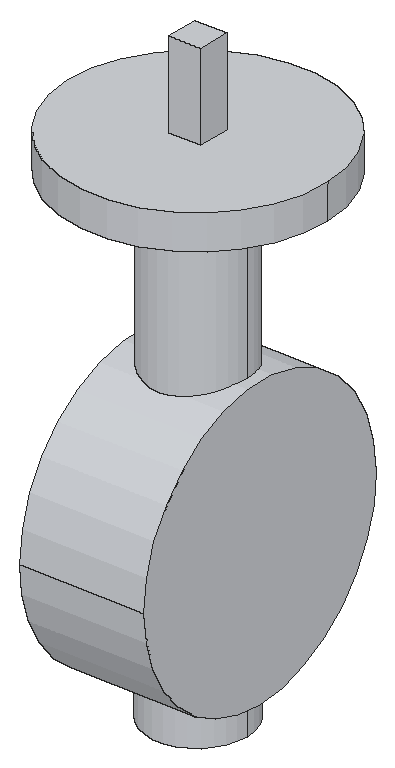
Revit family "HS497-68_disk-nerez_volné vřeteno DN050-RFA_2018", category Pipe Accessories, Revit 2018
Family settings
  Round Connector Dimension = Use Diameter
  Part Type = Valve - Breaks Into
  Work Plane-Based = No
  Always vertical = Yes
  Cut with Voids When Loaded = No
  Shared = No
Parameters (values of type "HS 497-68_DN050_volné vřeteno")
  magiProductId = "d71f296ecd6d4adf8f6e5d9853b4e0"
  magiProductFamilyId = "53cea81e6f374d17b8841d9c72ad77"
  magiPartTypeId = 305
  isMeasuringValve [instance] = no
  ang2D [instance] = 0.00°
  X11 = 61.456 mm
  X1 = 25.456 mm
  W2D = 1000 mm
  VersionID = "2.0/2017.9.26.1/ZETKAMA_497_001"
  Use Minimum Symbol Size [instance] = yes
  URL = "http://www.hydronic.cz"
  Type Comments = "mezipřírubová; nerezový disk; PN16; -10~+110°C (krátkodobě +120°C)"
  SW30 = no
  SW3 = no
  SW21 = no
  SW20 = no
  SW2 = no
  SW1 = yes
  R = 25 mm
  QmdConnectorList = "301;D;302;D"
  Productdata [instance] = ""
  NC = 50 mm
  Manufacturer = "Hydronic Systems Prague s.r.o."
  MM20 = 25.456 mm
  MC Product Code = "124 050 (nerezový disk, s volným vřetenem; DN50; PN16, kvs98)"
  M41 = 66 mm
  M4 = 44 mm
  LHL = 220 mm
  LHH3 = 2.45 mm
  LHH1 = 46.55 mm
  LH1 = 73.333 mm
  L4R__ve = -L4R  # -12.8 mm
  L4R = 12.8 mm
  L42__ve = -L42  # -96 mm
  L42 = 96 mm
  L41__ve = -L41  # -19.2 mm
  L41 = 19.2 mm
  L2D_Min = 3048 mm
  L2D = 216 mm
  L2 = 21.5 mm
  L1 = 34.4 mm
  L = 43 mm
  H = 30 mm
  G22 = 11.25 mm
  G2 = 22.5 mm
  G1 = 90 mm
  G = 90 mm
  F = 11 mm
  E44 = 31.25 mm
  E42 = 62.5 mm
  E4 = 125 mm
  E23 = 4.9 mm
  E22 = 19.6 mm
  E21 = 9.8 mm
  Description = "Mezipřírubová uzavírací klapka s volným vřetenem; nerezový disk, DN50; PN16; kvs98"
  DR2 = 25 mm
  DR = 100 mm
  DD1 = 15.625 mm
  DD = 12.5 mm
  D = 50 mm
  CAT0 = yes
  B2__ve = -B2  # -36.5 mm
  B2 = 36.5 mm
  A2 = 12 mm
  A1 = 83 mm
Types (43, lengths in mm): name | magiProductId | X11 | X1 | Type Comments | SW30 | SW3 | SW20 | SW2 | SW1 | R | NC | Manufacturer | MM20 | MC Product Code | M41 | M4 | LHL | LHH3 | LHH1 | LH1 | L4R__ve | L4R | L42__ve | L42 | L41__ve | L41 | L2 | L1 | L | H | G | F | E44 | E42 | E4 | E23 | E22 | E21 | Description | DR2 | DR | DD1 | DD | D | B2__ve | B2 | A2 | A1
  HS 497-68_DN100_PN16_volné vřeteno | "65d1b245f4f142c78569c0602d5754" | 61.456 | 25.456 | "mezipřírubová; nerezový disk; PN16; -10~+110°C (krátkodobě +120°C)" | no | no | no | no | yes | 50 | 50 | "Hydronic Systems Prague s.r.o." | 25.456 | "124 100 (nerezový disk, s volným vřetenem; DN100; PN16, kvs512)" | 66 | 44 | 220 | 2.45 | 46.55 | 73.333 | -12.8 | 12.8 | -96 | 96 | -19.2 | 19.2 | 26 | 41.6 | 52 | 30 | 90 | 11 | 31.25 | 62.5 | 125 | 4.9 | 19.6 | 9.8 | "Mezipřírubová uzavírací klapka s volným vřetenem; nerezový disk, DN100; PN16; kvs512" | 50 | 147 | 15.625 | 12.5 | 100 | -56 | 56 | 16.5 | 98.5
  HS 497-68_DN100_PN16_převodové kolo | "11e91b807e674d428c8e796fcdcfe2" | 61.456 | 25.456 | "mezipřírubová; nerezový disk; PN16; -10~+110°C (krátkodobě +120°C)" | yes | yes | no | no | no | 50 | 50 | "Hydronic Systems Prague s.r.o." | 25.456 | "126 100 (nerezový disk, s převodovým kolem; DN100; PN16, kvs512)" | 65.25 | 43.5 | 220 | 2.45 | 46.55 | 73.333 | -12.8 | 12.8 | -96 | 96 | -19.2 | 19.2 | 26 | 41.6 | 52 | 30 | 90 | 11 | 31.25 | 62.5 | 125 | 4.9 | 19.6 | 9.8 | "Mezipřírubová uzavírací klapka s převodovým kolem; nerezový disk, DN100; PN16; kvs512" | 50 | 147 | 15.625 | 12.5 | 100 | -56 | 56 | 16.5 | 98.5
  HS 497-68_DN100_PN16_s pákou | "28172f0b3f4b47b28323ac71cf8749" | 61.456 | 25.456 | "mezipřírubová; nerezový disk; PN16; -10~+110°C (krátkodobě +120°C)" | no | no | yes | yes | no | 50 | 50 | "Hydronic Systems Prague s.r.o." | 25.456 | "121 100 (nerezový disk, s pákou; DN100; PN16, kvs512)" | 66 | 44 | 260 | 3 | 57 | 86.667 | -12.8 | 12.8 | -96 | 96 | -19.2 | 19.2 | 26 | 41.6 | 52 | 30 | 90 | 11 | 31.25 | 62.5 | 125 | 6 | 24 | 12 | "Mezipřírubová uzavírací klapka s pákou; nerezový disk, DN100; PN16; kvs512" | 50 | 147 | 15.625 | 12.5 | 100 | -56 | 56 | 16.5 | 98.5
  HS 497-68_DN125_PN16_volné vřeteno | "0d813d910fc14f628bb3c2efbd185c" | 61.456 | 25.456 | "mezipřírubová; nerezový disk; PN16; -10~+110°C (krátkodobě +120°C)" | no | no | no | no | yes | 62.5 | 50 | "Hydronic Systems Prague s.r.o." | 25.456 | "124 125 (nerezový disk, s volným vřetenem; DN125; PN16, kvs872)" | 66 | 44 | 220 | 2.45 | 46.55 | 73.333 | -12.8 | 12.8 | -96 | 96 | -19.2 | 19.2 | 28 | 44.8 | 56 | 33 | 90 | 14 | 31.25 | 62.5 | 125 | 4.9 | 19.6 | 9.8 | "Mezipřírubová uzavírací klapka s volným vřetenem; nerezový disk, DN125; PN16; kvs872" | 62.5 | 180 | 15.625 | 12.5 | 125 | -64 | 64 | 18 | 99.5
  HS 497-68_DN125_PN16_převodové kolo | "c56b7c13f372467684996fb1e0e229" | 61.456 | 25.456 | "mezipřírubová; nerezový disk; PN16; -10~+110°C (krátkodobě +120°C)" | yes | yes | no | no | no | 62.5 | 50 | "Hydronic Systems Prague s.r.o." | 25.456 | "126125 (nerezový disk, s převodovým kolem; DN125; PN16, kvs872)" | 65.25 | 43.5 | 220 | 2.45 | 46.55 | 73.333 | -13.5 | 13.5 | -101.25 | 101.25 | -20.25 | 20.25 | 28 | 44.8 | 56 | 33 | 90 | 14 | 40 | 80 | 160 | 4.9 | 19.6 | 9.8 | "Mezipřírubová uzavírací klapka s převodovým kolem; nerezový disk, DN125; PN16; kvs872" | 62.5 | 180 | 20 | 16 | 125 | -64 | 64 | 18 | 99.5
  HS 497-68_DN125_PN16_s pákou | "105993c79a91492399feef7931321a" | 61.456 | 25.456 | "mezipřírubová; nerezový disk; PN16; -10~+110°C (krátkodobě +120°C)" | no | no | yes | yes | no | 62.5 | 50 | "Hydronic Systems Prague s.r.o." | 25.456 | "121 125 (nerezový disk, s pákou; DN125; PN16, kvs872)" | 66 | 44 | 315 | 3.75 | 71.25 | 105 | -12.8 | 12.8 | -96 | 96 | -19.2 | 19.2 | 28 | 44.8 | 56 | 33 | 90 | 14 | 31.25 | 62.5 | 125 | 7.5 | 30 | 15 | "Mezipřírubová uzavírací klapka s pákou; nerezový disk, DN125; PN16; kvs872" | 62.5 | 180 | 15.625 | 12.5 | 125 | -64 | 64 | 18 | 99.5
  HS 497-68_DN150_PN16_volné vřeteno | "50c80cb8ab434f55ab7796e5ac1331" | 61.456 | 25.456 | "mezipřírubová; nerezový disk; PN16; -10~+110°C (krátkodobě +120°C)" | no | no | no | no | yes | 75 | 50 | "Hydronic Systems Prague s.r.o." | 25.456 | "124 150 (nerezový disk, s volným vřetenem; DN150; PN16, kvs1347)" | 66 | 44 | 220 | 2.45 | 46.55 | 73.333 | -12.8 | 12.8 | -96 | 96 | -19.2 | 19.2 | 28 | 44.8 | 56 | 33 | 90 | 14 | 31.25 | 62.5 | 125 | 4.9 | 19.6 | 9.8 | "Mezipřírubová uzavírací klapka s volným vřetenem; nerezový disk, DN150; PN16; kvs1347" | 75 | 206 | 15.625 | 12.5 | 150 | -58 | 58 | 19.3 | 98.7
  HS 497-68_DN150_PN16_převodové kolo | "d94a1a0cf83b476eb10011b327f709" | 61.456 | 25.456 | "mezipřírubová; nerezový disk; PN16; -10~+110°C (krátkodobě +120°C)" | yes | yes | no | no | no | 75 | 50 | "Hydronic Systems Prague s.r.o." | 25.456 | "126 150 (nerezový disk, s převodovým kolem; DN150; PN16, kvs1347)" | 65.25 | 43.5 | 220 | 2.45 | 46.55 | 73.333 | -13.5 | 13.5 | -101.25 | 101.25 | -20.25 | 20.25 | 28 | 44.8 | 56 | 33 | 90 | 14 | 40 | 80 | 160 | 4.9 | 19.6 | 9.8 | "Mezipřírubová uzavírací klapka s převodovým kolem; nerezový disk, DN150; PN16; kvs1347" | 75 | 206 | 20 | 16 | 150 | -58 | 58 | 19.3 | 98.7
  HS 497-68_DN150_PN16_s pákou | "4d2835523fe84828bc50ff0a5a0dfb" | 61.456 | 25.456 | "mezipřírubová; nerezový disk; PN16; -10~+110°C (krátkodobě +120°C)" | no | no | yes | yes | no | 75 | 50 | "Hydronic Systems Prague s.r.o." | 25.456 | "121 150 (nerezový disk, s pákou; DN150; PN16, kvs1347)" | 66 | 44 | 315 | 3.75 | 71.25 | 105 | -12.8 | 12.8 | -96 | 96 | -19.2 | 19.2 | 28 | 44.8 | 56 | 33 | 90 | 14 | 31.25 | 62.5 | 125 | 7.5 | 30 | 15 | "Mezipřírubová uzavírací klapka s pákou; nerezový disk, DN150; PN16; kvs1347" | 75 | 206 | 15.625 | 12.5 | 150 | -58 | 58 | 19.3 | 98.7
  HS 497-68_DN200_PN16_volné vřeteno | "5b29029eaeba47139ee1055a4b9201" | 61.456 | 25.456 | "mezipřírubová; nerezový disk; PN16; -10~+110°C (krátkodobě +120°C)" | no | no | no | no | yes | 100 | 50 | "Hydronic Systems Prague s.r.o." | 25.456 | "124 200 (nerezový disk, s volným vřetenem; DN200; PN16, kvs2675)" | 66 | 44 | 220 | 2.45 | 46.55 | 73.333 | -12.8 | 12.8 | -96 | 96 | -19.2 | 19.2 | 30 | 48 | 60 | 33 | 90 | 17 | 31.25 | 62.5 | 125 | 4.9 | 19.6 | 9.8 | "Mezipřírubová uzavírací klapka s volným vřetenem; nerezový disk, DN200; PN16; kvs2675" | 100 | 257 | 15.625 | 12.5 | 200 | -70 | 70 | 22.5 | 102.5
  HS 497-68_DN200_PN16_převodové kolo | "b2793cc1fcc44cf2a35062cd67c04f" | 61.456 | 25.456 | "mezipřírubová; nerezový disk; PN16; -10~+110°C (krátkodobě +120°C)" | yes | yes | no | no | no | 100 | 57 | "Hydronic Systems Prague s.r.o." | 25.456 | "126 200 (nerezový disk, s převodovým kolem; DN200; PN16, kvs2675)" | 78.75 | 52.5 | 220 | 2.45 | 46.55 | 73.333 | -15.2 | 15.2 | -114 | 114 | -22.8 | 22.8 | 30 | 48 | 60 | 33 | 90 | 17 | 50 | 100 | 200 | 4.9 | 19.6 | 9.8 | "Mezipřírubová uzavírací klapka s převodovým kolem; nerezový disk, DN200; PN16; kvs2675" | 100 | 257 | 25 | 20 | 200 | -70 | 70 | 22.5 | 102.5
  HS 497-68_DN200_PN16_s pákou | "f88d96c7af224537a51e72d7d8fffe" | 61.456 | 25.456 | "mezipřírubová; nerezový disk; PN16; -10~+110°C (krátkodobě +120°C)" | no | no | yes | yes | no | 100 | 50 | "Hydronic Systems Prague s.r.o." | 25.456 | "121 200 (nerezový disk, s pákou; DN200; PN16, kvs2675)" | 66 | 44 | 315 | 3.75 | 71.25 | 105 | -12.8 | 12.8 | -96 | 96 | -19.2 | 19.2 | 30 | 48 | 60 | 33 | 90 | 17 | 31.25 | 62.5 | 125 | 7.5 | 30 | 15 | "Mezipřírubová uzavírací klapka s pákou; nerezový disk, DN200; PN16; kvs2675" | 100 | 257 | 15.625 | 12.5 | 200 | -70 | 70 | 22.5 | 102.5
  HS 497-68_DN250_PN16_volné vřeteno | "b662e8305ca2402b9c510e66e6aa55" | 88.77 | 36.77 | "mezipřírubová; nerezový disk; PN16; -10~+110°C (krátkodobě +120°C)" | no | no | no | no | yes | 125 | 50 | "Hydronic Systems Prague s.r.o." | 36.77 | "124 250 (nerezový disk, s volným vřetenem; DN250; PN16, kvs4555)" | 66 | 44 | 220 | 2.45 | 46.55 | 73.333 | -12.8 | 12.8 | -96 | 96 | -19.2 | 19.2 | 34 | 54.4 | 68 | 23 | 130 | 22 | 31.25 | 62.5 | 125 | 4.9 | 19.6 | 9.8 | "Mezipřírubová uzavírací klapka s volným vřetenem; nerezový disk, DN250; PN16; kvs4555" | 125 | 324 | 15.625 | 12.5 | 250 | -85 | 85 | 28.25 | 129.25
  HS 497-68_DN250_PN16_převodové kolo | "5ee9016806664ddfaa2632711f295c" | 88.77 | 36.77 | "mezipřírubová; nerezový disk; PN16; -10~+110°C (krátkodobě +120°C)" | yes | yes | no | no | no | 125 | 70 | "Hydronic Systems Prague s.r.o." | 36.77 | "126 250 (nerezový disk, s převodovým kolem; DN250; PN16, kvs4555)" | 91.5 | 61 | 220 | 2.45 | 46.55 | 73.333 | -22.2 | 22.2 | -166.5 | 166.5 | -33.3 | 33.3 | 34 | 54.4 | 68 | 23 | 130 | 22 | 62.5 | 125 | 250 | 4.9 | 19.6 | 9.8 | "Mezipřírubová uzavírací klapka s převodovým kolem; nerezový disk, DN250; PN16; kvs4555" | 125 | 324 | 31.25 | 25 | 250 | -85 | 85 | 28.25 | 129.25
  HS 497-68_DN300_PN16_volné vřeteno | "e1886f51ff004380a649519258edf2" | 88.77 | 36.77 | "mezipřírubová; nerezový disk; PN16; -10~+110°C (krátkodobě +120°C)" | no | no | no | no | yes | 150 | 50 | "Hydronic Systems Prague s.r.o." | 36.77 | "124 300 (nerezový disk, s volným vřetenem; DN300; PN16, kvs7037)" | 66 | 44 | 220 | 2.45 | 46.55 | 73.333 | -12.8 | 12.8 | -96 | 96 | -19.2 | 19.2 | 39 | 62.4 | 78 | 23 | 130 | 22 | 31.25 | 62.5 | 125 | 4.9 | 19.6 | 9.8 | "Mezipřírubová uzavírací klapka s volným vřetenem; nerezový disk, DN300; PN16; kvs7037" | 150 | 376 | 15.625 | 12.5 | 300 | -90 | 90 | 30.8 | 127.2
  HS 497-68_DN300_PN16_převodové kolo | "6860f094f77d42088fbebc3c97f755" | 88.77 | 36.77 | "mezipřírubová; nerezový disk; PN16; -10~+110°C (krátkodobě +120°C)" | yes | yes | no | no | no | 150 | 70 | "Hydronic Systems Prague s.r.o." | 36.77 | "126 300 (nerezový disk, s převodovým kolem; DN300; PN16, kvs7037)" | 91.5 | 61 | 220 | 2.45 | 46.55 | 73.333 | -22.2 | 22.2 | -166.5 | 166.5 | -33.3 | 33.3 | 39 | 62.4 | 78 | 23 | 130 | 22 | 62.5 | 125 | 250 | 4.9 | 19.6 | 9.8 | "Mezipřírubová uzavírací klapka s převodovým kolem; nerezový disk, DN300; PN16; kvs7037" | 150 | 376 | 31.25 | 25 | 300 | -90 | 90 | 30.8 | 127.2
  HS 497-68_DN032_PN16_volné vřeteno | "8c5f65de52aa4067a77564107e31b2" | 61.456 | 25.456 | "mezipřírubová; nerezový disk; PN16; -10~+110°C (krátkodobě +120°C)" | no | no | no | no | yes | 16 | 50 | "Hydronic Systems Prague s.r.o." | 25.456 | "124 032 (nerezový disk, s volným vřetenem; DN32; PN16, kvs78)" | 66 | 44 | 220 | 2.45 | 46.55 | 73.333 | -12.8 | 12.8 | -96 | 96 | -19.2 | 19.2 | 16.5 | 26.4 | 33 | 30 | 90 | 11 | 31.25 | 62.5 | 125 | 4.9 | 19.6 | 9.8 | "Mezipřírubová uzavírací klapka s volným vřetenem; nerezový disk, DN32; PN16; kvs78" | 16 | 68 | 15.625 | 12.5 | 32 | -44.2 | 44.2 | 10.25 | 76.25
  HS 497-68_DN032_PN16_převodové kolo | "60aaeffa8b3a4e809ef000e4660060" | 61.456 | 25.456 | "mezipřírubová; nerezový disk; PN16; -10~+110°C (krátkodobě +120°C)" | yes | yes | no | no | no | 16 | 50 | "Hydronic Systems Prague s.r.o." | 25.456 | "126 032 (nerezový disk, s převodovým kolem; DN32; PN16, kvs78)" | 65.25 | 43.5 | 220 | 2.45 | 46.55 | 73.333 | -12.8 | 12.8 | -96 | 96 | -19.2 | 19.2 | 16.5 | 26.4 | 33 | 30 | 90 | 11 | 31.25 | 62.5 | 125 | 4.9 | 19.6 | 9.8 | "Mezipřírubová uzavírací klapka s převodovým kolem; nerezový disk, DN32; PN16; kvs78" | 16 | 68 | 15.625 | 12.5 | 32 | -44.2 | 44.2 | 10.25 | 76.25
  HS 497-68_DN032_PN16_s pákou | "9ad8088d610749a1b871aa2aad8007" | 61.456 | 25.456 | "mezipřírubová; nerezový disk; PN16; -10~+110°C (krátkodobě +120°C)" | no | no | yes | yes | no | 16 | 50 | "Hydronic Systems Prague s.r.o." | 25.456 | "121 032 (nerezový disk, s pákou; DN32; PN16, kvs78)" | 66 | 44 | 220 | 2.45 | 46.55 | 73.333 | -12.8 | 12.8 | -96 | 96 | -19.2 | 19.2 | 16.5 | 26.4 | 33 | 30 | 90 | 11 | 31.25 | 62.5 | 125 | 4.9 | 19.6 | 9.8 | "Mezipřírubová uzavírací klapka s pákou; nerezový disk, DN32; PN16; kvs78" | 16 | 68 | 15.625 | 12.5 | 32 | -44.2 | 44.2 | 10.25 | 76.25
  HS 497-68_DN350_PN10_volné vřeteno | "72a1e05f22944421b7e9596a877137" | 109.255 | 45.255 | "mezipřírubová; nerezový disk; PN10; -10~+110°C (krátkodobě +120°C)" | no | no | no | no | yes | 175 | 50 | "Hydronic Systems Prague s.r.o." | 45.255 | "124 350 (nerezový disk, s volným vřetenem; DN350; PN10, kvs10165)" | 66 | 44 | 220 | 2.45 | 46.55 | 73.333 | -12.8 | 12.8 | -96 | 96 | -19.2 | 19.2 | 39 | 62.4 | 78 | 31 | 160 | 22 | 31.25 | 62.5 | 125 | 4.9 | 19.6 | 9.8 | "Mezipřírubová uzavírací klapka s volným vřetenem; nerezový disk, DN350; PN10; kvs10165" | 175 | 430 | 15.625 | 12.5 | 350 | -88 | 88 | 33.85 | 129.65
  HS 497-68_DN350_PN10_převodové kolo | "a5a01426cb28494ba3afca92f1dace" | 109.255 | 45.255 | "mezipřírubová; nerezový disk; PN10; -10~+110°C (krátkodobě +120°C)" | yes | yes | no | no | no | 175 | 70 | "Hydronic Systems Prague s.r.o." | 45.255 | "126 350 (nerezový disk, s převodovým kolem; DN350; PN10, kvs10165)" | 91.5 | 61 | 220 | 2.45 | 46.55 | 73.333 | -22.2 | 22.2 | -166.5 | 166.5 | -33.3 | 33.3 | 39 | 62.4 | 78 | 31 | 160 | 22 | 62.5 | 125 | 250 | 4.9 | 19.6 | 9.8 | "Mezipřírubová uzavírací klapka s převodovým kolem; nerezový disk, DN350; PN10; kvs10165" | 175 | 430 | 31.25 | 25 | 350 | -88 | 88 | 33.85 | 129.65
  HS 497-68_DN400_PN10_volné vřeteno | "c70ebeb927c04ab99b176e257ad0a7" | 109.255 | 45.255 | "mezipřírubová; nerezový disk; PN10; -10~+110°C (krátkodobě +120°C)" | no | no | no | no | yes | 200 | 50 | "Hydronic Systems Prague s.r.o." | 45.255 | "124 400 (nerezový disk, s volným vřetenem; DN400; PN10, kvs13799)" | 66 | 44 | 220 | 2.45 | 46.55 | 73.333 | -12.8 | 12.8 | -96 | 96 | -19.2 | 19.2 | 51 | 81.6 | 102 | 31 | 160 | 27 | 31.25 | 62.5 | 125 | 4.9 | 19.6 | 9.8 | "Mezipřírubová uzavírací klapka s volným vřetenem; nerezový disk, DN400; PN10; kvs13799" | 200 | 485 | 15.625 | 12.5 | 400 | -108 | 108 | 38 | 142
  HS 497-68_DN400_PN10_převodové kolo | "cc64a4384dcb41b780d81810f4f293" | 109.255 | 45.255 | "mezipřírubová; nerezový disk; PN10; -10~+110°C (krátkodobě +120°C)" | yes | yes | no | no | no | 200 | 72.5 | "Hydronic Systems Prague s.r.o." | 45.255 | "126 400 (nerezový disk, s převodovým kolem; DN400; PN10, kvs13799)" | 103.5 | 69 | 220 | 2.45 | 46.55 | 73.333 | -27.8 | 27.8 | -208.5 | 208.5 | -41.7 | 41.7 | 51 | 81.6 | 102 | 31 | 160 | 27 | 75 | 150 | 300 | 4.9 | 19.6 | 9.8 | "Mezipřírubová uzavírací klapka s převodovým kolem; nerezový disk, DN400; PN10; kvs13799" | 200 | 485 | 37.5 | 30 | 400 | -108 | 108 | 38 | 142
  HS 497-68_DN040_PN16_volné vřeteno | "35f92312390745e88df5b5c325d9ee" | 61.456 | 25.456 | "mezipřírubová; nerezový disk; PN16; -10~+110°C (krátkodobě +120°C)" | no | no | no | no | yes | 20 | 50 | "Hydronic Systems Prague s.r.o." | 25.456 | "124 040 (nerezový disk, s volným vřetenem; DN40; PN16, kvs78)" | 66 | 44 | 220 | 2.45 | 46.55 | 73.333 | -12.8 | 12.8 | -96 | 96 | -19.2 | 19.2 | 16.5 | 26.4 | 33 | 30 | 90 | 11 | 31.25 | 62.5 | 125 | 4.9 | 19.6 | 9.8 | "Mezipřírubová uzavírací klapka s volným vřetenem; nerezový disk, DN40; PN16; kvs78" | 20 | 76 | 15.625 | 12.5 | 40 | -36 | 36 | 11 | 79
  HS 497-68_DN040_PN16_převodové kolo | "d88e968eae3445bc9b7b4e6ff35127" | 61.456 | 25.456 | "mezipřírubová; nerezový disk; PN16; -10~+110°C (krátkodobě +120°C)" | yes | yes | no | no | no | 20 | 50 | "Hydronic Systems Prague s.r.o." | 25.456 | "126 040 (nerezový disk, s převodovým kolem; DN40; PN16, kvs78)" | 65.25 | 43.5 | 220 | 2.45 | 46.55 | 73.333 | -12.8 | 12.8 | -96 | 96 | -19.2 | 19.2 | 16.5 | 26.4 | 33 | 30 | 90 | 11 | 31.25 | 62.5 | 125 | 4.9 | 19.6 | 9.8 | "Mezipřírubová uzavírací klapka s převodovým kolem; nerezový disk, DN40; PN16; kvs78" | 20 | 76 | 15.625 | 12.5 | 40 | -36 | 36 | 11 | 79
  HS 497-68_DN040_PN16_s pákou | "c1b522ca65b4407a98818f232eaacb" | 61.456 | 25.456 | "mezipřírubová; nerezový disk; PN16; -10~+110°C (krátkodobě +120°C)" | no | no | yes | yes | no | 20 | 50 | "Hydronic Systems Prague s.r.o." | 25.456 | "121 040 (nerezový disk, s pákou; DN40; PN16, kvs78)" | 66 | 44 | 220 | 2.45 | 46.55 | 73.333 | -12.8 | 12.8 | -96 | 96 | -19.2 | 19.2 | 16.5 | 26.4 | 33 | 30 | 90 | 11 | 31.25 | 62.5 | 125 | 4.9 | 19.6 | 9.8 | "Mezipřírubová uzavírací klapka s pákou; nerezový disk, DN40; PN16; kvs78" | 20 | 76 | 15.625 | 12.5 | 40 | -36 | 36 | 11 | 79
  HS 497-68_DN450_PN10_volné vřeteno | "a8358bc282f14872b3194e530e590a" | 129.74 | 53.74 | "mezipřírubová; nerezový disk; PN10; -10~+110°C (krátkodobě +120°C)" | no | no | no | no | yes | 225 | 50 | "Hydronic Systems Prague s.r.o." | 53.74 | "124 450 (nerezový disk, s volným vřetenem; DN450; PN10, kvs18514)" | 66 | 44 | 220 | 2.45 | 46.55 | 73.333 | -12.8 | 12.8 | -96 | 96 | -19.2 | 19.2 | 57 | 91.2 | 114 | 38 | 190 | 36 | 31.25 | 62.5 | 125 | 4.9 | 19.6 | 9.8 | "Mezipřírubová uzavírací klapka s volným vřetenem; nerezový, DN450; PN10; kvs18514" | 225 | 536 | 15.625 | 12.5 | 450 | -115 | 115 | 38.05 | 117.45
  HS 497-68_DN450_PN10_převodové kolo | "cdf2d80f54a9414f9cbe50647c0ebd" | 129.74 | 53.74 | "mezipřírubová; nerezový disk; PN10; -10~+110°C (krátkodobě +120°C)" | yes | yes | no | no | no | 225 | 91.5 | "Zetkama" | 53.74 | "126 450 (nerezový disk, s převodovým kolem; DN450; PN10, kvs18514)" | 144.75 | 96.5 | 220 | 2.45 | 46.55 | 73.333 | -32.1 | 32.1 | -240.75 | 240.75 | -48.15 | 48.15 | 57 | 91.2 | 114 | 38 | 190 | 36 | 100 | 200 | 400 | 4.9 | 19.6 | 9.8 | "Mezipřírubová uzavírací klapka s převodovým kolem; nerezový disk, DN450; PN10; kvs18514" | 225 | 536 | 50 | 40 | 450 | -115 | 115 | 38.05 | 117.45
  HS 497-68_DN500_PN10_volné vřeteno | "8c396e27bb2743f98f3c762b6517cd" | 143.397 | 59.397 | "mezipřírubová; nerezový disk; PN10; -10~+110°C (krátkodobě +120°C)" | no | no | no | no | yes | 250 | 50 | "Hydronic Systems Prague s.r.o." | 59.397 | "124 500 (nerezový disk, s volným vřetenem; DN500; PN10, kvs23805)" | 66 | 44 | 220 | 2.45 | 46.55 | 73.333 | -12.8 | 12.8 | -96 | 96 | -19.2 | 19.2 | 63.5 | 101.6 | 127 | 38 | 210 | 36 | 31.25 | 62.5 | 125 | 4.9 | 19.6 | 9.8 | "Mezipřírubová uzavírací klapka s volným vřetenem; nerezový disk, DN500; PN10; kvs23805" | 250 | 593 | 15.625 | 12.5 | 500 | -130 | 130 | 43.25 | 139.25
  HS 497-68_DN500_PN10_převodové kolo | "7647804f32e94cef828a7034a91a46" | 143.397 | 59.397 | "mezipřírubová; nerezový disk; PN10; -10~+110°C (krátkodobě +120°C)" | yes | yes | no | no | no | 250 | 91.5 | "Zetkama" | 59.397 | "126 500 (nerezový disk, s převodovým kolem; DN500; PN10, kvs23805)" | 144.75 | 96.5 | 220 | 2.45 | 46.55 | 73.333 | -32.1 | 32.1 | -240.75 | 240.75 | -48.15 | 48.15 | 63.5 | 101.6 | 127 | 38 | 210 | 36 | 100 | 200 | 400 | 4.9 | 19.6 | 9.8 | "Mezipřírubová uzavírací klapka s převodovým kolem; nerezový disk, DN500; PN10; kvs23805" | 250 | 593 | 50 | 40 | 500 | -130 | 130 | 43.25 | 139.25
  HS 497-68_DN050_volné vřeteno | "d71f296ecd6d4adf8f6e5d9853b4e0" | 61.456 | 25.456 | "mezipřírubová; nerezový disk; PN16; -10~+110°C (krátkodobě +120°C)" | no | no | no | no | yes | 25 | 50 | "Hydronic Systems Prague s.r.o." | 25.456 | "124 050 (nerezový disk, s volným vřetenem; DN50; PN16, kvs98)" | 66 | 44 | 220 | 2.45 | 46.55 | 73.333 | -12.8 | 12.8 | -96 | 96 | -19.2 | 19.2 | 21.5 | 34.4 | 43 | 30 | 90 | 11 | 31.25 | 62.5 | 125 | 4.9 | 19.6 | 9.8 | "Mezipřírubová uzavírací klapka s volným vřetenem; nerezový disk, DN50; PN16; kvs98" | 25 | 100 | 15.625 | 12.5 | 50 | -36.5 | 36.5 | 12 | 83
  HS 497-68_DN050_PN16_převodové kolo | "2fb080deeaed49c58418b94c1da5a4" | 61.456 | 25.456 | "mezipřírubová; nerezový disk; PN16; -10~+110°C (krátkodobě +120°C)" | yes | yes | no | no | no | 25 | 50 | "Hydronic Systems Prague s.r.o." | 25.456 | "126 050 (nerezový disk, s převodovým kolem; DN50; PN16, kvs98)" | 65.25 | 43.5 | 220 | 2.45 | 46.55 | 73.333 | -12.8 | 12.8 | -96 | 96 | -19.2 | 19.2 | 21.5 | 34.4 | 43 | 30 | 90 | 11 | 31.25 | 62.5 | 125 | 4.9 | 19.6 | 9.8 | "Mezipřírubová uzavírací klapka s převodovým kolem; nerezový disk, DN50; PN16; kvs98" | 25 | 100 | 15.625 | 12.5 | 50 | -36.5 | 36.5 | 12 | 83
  HS 497-68_DN050_PN16_s pákou | "dabc632061f94877a994b9b4e68112" | 61.456 | 25.456 | "mezipřírubová; nerezový disk; PN16; -10~+110°C (krátkodobě +120°C)" | no | no | yes | yes | no | 25 | 50 | "Hydronic Systems Prague s.r.o." | 25.456 | "121 050 (nerezový disk, s pákou; DN50; PN16, kvs98)" | 66 | 44 | 220 | 2.45 | 46.55 | 73.333 | -12.8 | 12.8 | -96 | 96 | -19.2 | 19.2 | 21.5 | 34.4 | 43 | 30 | 90 | 11 | 31.25 | 62.5 | 125 | 4.9 | 19.6 | 9.8 | "Mezipřírubová uzavírací klapka s pákou; nerezový disk, DN50; PN16; kvs98" | 25 | 100 | 15.625 | 12.5 | 50 | -36.5 | 36.5 | 12 | 83
  HS 497-68_DN600_PN10_volné vřeteno | "99d5892c14664fce81a7c5903f7711" | 143.397 | 59.397 | "mezipřírubová; nerezový disk; PN10; -10~+110°C (krátkodobě +120°C)" | no | no | no | no | yes | 300 | 50 | "Hydronic Systems Prague s.r.o." | 59.397 | "124 600 (nerezový disk, s volným vřetenem; DN600; PN10, kvs36778)" | 66 | 44 | 220 | 2.45 | 46.55 | 73.333 | -12.8 | 12.8 | -96 | 96 | -19.2 | 19.2 | 77 | 123.2 | 154 | 80 | 210 | 60 | 31.25 | 62.5 | 125 | 4.9 | 19.6 | 9.8 | "Mezipřírubová uzavírací klapka s volným vřetenem; nerezový disk, DN600; PN10; kvs36788" | 300 | 690 | 15.625 | 12.5 | 600 | -140 | 140 | 49.4 | 144.6
  HS 497-68_DN600_PN10_převodové kolo | "b1e26faab48a4c499f6bb11e7e3002" | 143.397 | 59.397 | "mezipřírubová; lnerezový disk; PN10; -10~+110°C (krátkodobě +120°C)" | yes | yes | no | no | no | 300 | 140 | "Hydronic Systems Prague s.r.o." | 59.397 | "126 600 (nerezový disk, s převodovým kolem; DN600; PN10, kvs36778)" | 206.25 | 137.5 | 220 | 2.45 | 46.55 | 73.333 | -40.8 | 40.8 | -306 | 306 | -61.2 | 61.2 | 77 | 123.2 | 154 | 80 | 210 | 60 | 125 | 250 | 500 | 4.9 | 19.6 | 9.8 | "Mezipřírubová uzavírací klapka s převodovým kolem; nerezový disk, DN600; PN10; kvs36788" | 300 | 690 | 62.5 | 50 | 600 | -140 | 140 | 49.4 | 144.6
  HS 497-68_DN065_PN16_volné vřeteno | "5e5e208646e34ec29f889baab5d08e" | 61.456 | 25.456 | "mezipřírubová; lnerezový disk; PN16; -10~+110°C (krátkodobě +120°C)" | no | no | no | no | yes | 32.5 | 50 | "Hydronic Systems Prague s.r.o." | 25.456 | "124 065 (nerezový disk, s volným vřetenem; DN65; PN16, kvs167)" | 66 | 44 | 220 | 2.45 | 46.55 | 73.333 | -12.8 | 12.8 | -96 | 96 | -19.2 | 19.2 | 23 | 36.8 | 46 | 30 | 90 | 11 | 31.25 | 62.5 | 125 | 4.9 | 19.6 | 9.8 | "Mezipřírubová uzavírací klapka s volným vřetenem; nerezový disk, DN65; PN16; kv167" | 32.5 | 108 | 15.625 | 12.5 | 65 | -36.5 | 36.5 | 13.5 | 89
  HS 497-68_DN065_PN16_převodové kolo | "654d74c8d15540b0bfe523d988ccb3" | 61.456 | 25.456 | "mezipřírubová; nerezový disk; PN16; -10~+110°C (krátkodobě +120°C)" | yes | yes | no | no | no | 32.5 | 50 | "Hydronic Systems Prague s.r.o." | 25.456 | "126 065 (nerezový disk, s převodovým kolem; DN65; PN16, kvs167)" | 65.25 | 43.5 | 220 | 2.45 | 46.55 | 73.333 | -12.8 | 12.8 | -96 | 96 | -19.2 | 19.2 | 23 | 36.8 | 46 | 30 | 90 | 11 | 31.25 | 62.5 | 125 | 4.9 | 19.6 | 9.8 | "Mezipřírubová uzavírací klapka s převodovým kolem; nerezový disk, DN65; PN16; kvs167" | 32.5 | 108 | 15.625 | 12.5 | 65 | -36.5 | 36.5 | 13.5 | 89
  HS 497-68_DN065_PN16_s pákou | "ebeb4b59db0641caaf6d6635ab37b9" | 61.456 | 25.456 | "mezipřírubová; nerezový disk; PN16; -10~+110°C (krátkodobě +120°C)" | no | no | yes | yes | no | 32.5 | 50 | "Hydronic Systems Prague s.r.o." | 25.456 | "121 065 (nerezový disk, s pákou; DN65; PN16, kvs167)" | 66 | 44 | 220 | 2.45 | 46.55 | 73.333 | -12.8 | 12.8 | -96 | 96 | -19.2 | 19.2 | 23 | 36.8 | 46 | 30 | 90 | 11 | 31.25 | 62.5 | 125 | 4.9 | 19.6 | 9.8 | "Mezipřírubová uzavírací klapka s pákou; nerezový disk, DN65; PN16; kvs167" | 32.5 | 108 | 15.625 | 12.5 | 65 | -36.5 | 36.5 | 13.5 | 89
  HS 497-68_DN080_PN16_volné vřeteno | "9e85c75c18654e1185a9c48ed6b00e" | 61.456 | 25.456 | "mezipřírubová; nerezový disk; PN16; -10~+110°C (krátkodobě +120°C)" | no | no | no | no | yes | 40 | 50 | "Hydronic Systems Prague s.r.o." | 25.456 | "124 080 (nerezový disk, s volným vřetenem; DN80; PN16, kvs258)" | 66 | 44 | 220 | 2.45 | 46.55 | 73.333 | -12.8 | 12.8 | -96 | 96 | -19.2 | 19.2 | 23 | 36.8 | 46 | 30 | 90 | 11 | 31.25 | 62.5 | 125 | 4.9 | 19.6 | 9.8 | "Mezipřírubová uzavírací klapka s volným vřetenem; nerezový disk, DN80; PN16; kvs258" | 40 | 124 | 15.625 | 12.5 | 80 | -54 | 54 | 14.1 | 86.9
  HS 497-68_DN080_PN16_převodové kolo | "5b3c8238c3d041e68c75b199e7ea46" | 61.456 | 25.456 | "mezipřírubová; nerezový disk; PN16; -10~+110°C (krátkodobě +120°C)" | yes | yes | no | no | no | 40 | 50 | "Hydronic Systems Prague s.r.o." | 25.456 | "126 080 (nerezový disk, s převodovým kolem; DN80; PN16, kvs258)" | 65.25 | 43.5 | 220 | 2.45 | 46.55 | 73.333 | -12.8 | 12.8 | -96 | 96 | -19.2 | 19.2 | 23 | 36.8 | 46 | 30 | 90 | 11 | 31.25 | 62.5 | 125 | 4.9 | 19.6 | 9.8 | "Mezipřírubová uzavírací klapka s převodovým kolem; nerezový disk, DN80; PN16; kvs258" | 40 | 124 | 15.625 | 12.5 | 80 | -54 | 54 | 14.1 | 86.9
  HS 497-68_DN080_PN16_s pákou | "e414795fab0f4eccb99bc3572c5477" | 61.456 | 25.456 | "mezipřírubová; nerezový disk; PN16; -10~+110°C (krátkodobě +120°C)" | no | no | yes | yes | no | 40 | 50 | "Hydronic Systems Prague s.r.o." | 25.456 | "121 080 (nerezový disk, s pákou; DN80; PN16, kvs258)" | 66 | 44 | 260 | 3 | 57 | 86.667 | -12.8 | 12.8 | -96 | 96 | -19.2 | 19.2 | 23 | 36.8 | 46 | 30 | 90 | 11 | 31.25 | 62.5 | 125 | 6 | 24 | 12 | "Mezipřírubová uzavírací klapka s pákou; nerezový disk, DN80; PN16; kvs258" | 40 | 124 | 15.625 | 12.5 | 80 | -54 | 54 | 14.1 | 86.9
  HS 497-68_DN250_PN16_s pákou | "" | 88.77 | 36.77 | "mezipřírubová; nerezový disk; PN16; -10~+110°C (krátkodobě +120°C)" | no | no | yes | yes | no | 125 | 70 | "Hydronic Systems Prague s.r.o." | 36.77 | "121 250 (nerezový disk, s ákou; DN250; PN16, kvs4555)" | 91.5 | 61 | 220 | 2.45 | 46.55 | 73.333 | -22.2 | 22.2 | -166.5 | 166.5 | -33.3 | 33.3 | 34 | 54.4 | 68 | 23 | 130 | 22 | 62.5 | 125 | 250 | 4.9 | 19.6 | 9.8 | "Mezipřírubová uzavírací klapka s pákou; nerezový disk, DN250; PN16; kvs4555" | 125 | 324 | 31.25 | 25 | 250 | -85 | 85 | 28.25 | 129.25
  HS 497-68_DN300_PN16_s pákou | "" | 88.77 | 36.77 | "mezipřírubová; nerezový disk; PN16; -10~+110°C (krátkodobě +120°C)" | no | no | yes | yes | no | 150 | 70 | "Hydronic Systems Prague s.r.o." | 36.77 | "121 300 (nerezový disk, s pákou; DN300; PN16, kvs7037)" | 91.5 | 61 | 220 | 2.45 | 46.55 | 73.333 | -22.2 | 22.2 | -166.5 | 166.5 | -33.3 | 33.3 | 39 | 62.4 | 78 | 23 | 130 | 22 | 62.5 | 125 | 250 | 4.9 | 19.6 | 9.8 | "Mezipřírubová uzavírací klapka s pákou; nerezový disk, DN300; PN16; kvs7037" | 150 | 376 | 31.25 | 25 | 300 | -90 | 90 | 30.8 | 127.2
Reference planes
  plane 1 "Center (Front/Back)": y = 0
  plane 2 "XYPLANE": z = 0
  plane 3 "Center (Left/Right)": x = 0
  plane 4 "473": x = -25.456
  plane 5 "472": x = -66
  plane 6 "471": y = -25.456
  plane 7 "470": y = 25.456
  plane 8 "469": x = -44
  plane 9 "468": y = -115.2
  plane 10 "467": y = -96
  plane 11 "466": z = 151.25
  plane 12 "465": z = 166.55
  plane 13 "464": y = 145.417
  plane 14 "463": z = 156.75
  plane 15 "462": z = 139.6
  plane 16 "461": z = 149.4
  plane 17 "460": y = 72.083
  plane 18 "459": x = -11.25
  plane 19 "458": x = 11.25
  plane 20 "457": y = -6.25
  plane 21 "456": x = -17.5
  plane 22 "455": x = 17.5
  plane 23 "454": z = 154.3
  plane 24 "453": y = 62.083
  plane 25 "452": y = -11.25
  plane 26 "451": x = -22.5
  plane 27 "450": x = 22.5
  plane 28 "449": z = 134.7
  plane 29 "448": z = 129.8
  plane 30 "447": z = -25
  plane 31 "446": z = 120
  plane 32 "445": z = 108
  plane 33 "444": z = 25
  plane 34 "443": x = 21.5
  plane 35 "442": x = -21.5
  plane 36 "441": z = 0
  plane 37 "440": y = 0
  plane 38 "439": x = 0
  plane 39 "438": z = 169
  plane 40 "437": z = 154.3
  plane 41 "436": x = 13.7
  plane 42 "435": x = -13.7
  plane 43 "434": y = 220
Forms (mm)
  Extrusion 1, solid, visible <- "SW3"
    sketch origin (-750, 0, 120) x (1, 0, 0) y (0, 1, 0)
      loop
        line (684, 25.456) -> (684, -25.456) -> (724.544, -25.456)
        arc (724.544, -25.456) -> (786, 0) -> (724.544, 25.456) r 36
        line (724.544, 25.456) -> (684, 25.456)
    from 0 to 62.5 <- "E42"
  Extrusion 2, solid, visible <- "SW30"
    sketch origin (0, -750, 0) x (0, 1, 0) y (0, 0, 1)
      loop
        circle (750, 151.25) r 7.813
    from 0 to 50 <- "NC"
  Extrusion 3, solid, visible <- "SW30"
    sketch origin (750, -115.2, 0) x (-1, 0, 0) y (0, 0, 1)
      loop
        circle (794, 151.25) r 62.5
    from 0 to -12.8 <- "L4R__ve"
  Extrusion 4, solid, visible <- "SW3"
    sketch origin (750, -96, 0) x (-1, 0, 0) y (0, 0, 1)
      loop
        circle (794, 151.25) r 7.813
    from 0 to -19.2 <- "L41__ve"
  Extrusion 5, solid, visible <- "SW30"
    sketch origin (750, 0, 0) x (-1, 0, 0) y (0, 0, 1)
      loop
        circle (794, 151.25) r 6.25
    from 0 to -96 <- "L42__ve"
  Blend 6, solid, visible <- "SW21"
    base sketch origin (750, 72.083, 0) x (-1, 0, 0) y (0, 0, 1)
      loop
        line (761.25, 149.4) -> (738.75, 149.4) -> (738.75, 139.6) -> (761.25, 139.6) -> (761.25, 149.4)
    top sketch origin (750, 72.083, 0) x (-1, 0, 0) y (0, 0, 1)
      loop
        line (761.25, 166.55) -> (738.75, 166.55) -> (738.75, 156.75) -> (761.25, 156.75) -> (761.25, 166.55)
    from 0 to 73.333
  Blend 7, solid, visible <- "SW21"
    base sketch origin (750, 62.083, 0) x (-1, 0, 0) y (0, 0, 1)
      loop
        line (761.25, 154.3) -> (738.75, 154.3) -> (738.75, 134.7) -> (761.25, 134.7) -> (761.25, 154.3)
    top sketch origin (750, 62.083, 0) x (-1, 0, 0) y (0, 0, 1)
      loop
        line (761.25, 149.4) -> (738.75, 149.4) -> (738.75, 139.6) -> (761.25, 139.6) -> (761.25, 149.4)
    from 0 to 10
  Blend 8, solid, visible <- "SW21"
    base sketch origin (-750, 0, 134.7) x (1, 0, 0) y (0, 1, 0)
      loop
        line (772.5, 62.083) -> (727.5, 62.083) -> (727.5, -11.25)
        arc (727.5, -11.25) -> (750, -31.25) -> (772.5, -11.25) r 22.656
        line (772.5, -11.25) -> (772.5, 62.083)
    top sketch origin (-750, 0, 134.7) x (1, 0, 0) y (0, 1, 0)
      loop
        line (767.5, 62.083) -> (732.5, 62.083) -> (732.5, -6.25)
        arc (732.5, -6.25) -> (750, -26.25) -> (767.5, -6.25) r 17.656
        line (767.5, -6.25) -> (767.5, 62.083)
    from 0 to 19.6
  Extrusion 9, solid, visible <- "SW2"
    sketch origin (-750, 0, 129.8) x (1, 0, 0) y (0, 1, 0)
      loop
        circle (750, 0) r 11.25
    from 0 to 4.9 <- "E23"
  Extrusion 10, solid, visible <- "SW2"
    sketch origin (-750, 0, 120) x (1, 0, 0) y (0, 1, 0)
      loop
        circle (750, 0) r 45
    from 0 to 9.8 <- "E21"
  Extrusion 11, solid, visible <- "CAT0"
    sketch origin (-750, 0, -25) x (1, 0, 0) y (0, 1, 0)
      loop
        circle (750, 0) r 17.2
    from 0 to -36.5 <- "B2__ve"
  Extrusion 12, solid, visible <- "CAT0"
    sketch origin (-750, 0, 108) x (1, 0, 0) y (0, 1, 0)
      loop
        circle (750, 0) r 45
    from 0 to 12 <- "A2"
  Extrusion 13, solid, visible <- "CAT0"
    sketch origin (-750, 0, 25) x (1, 0, 0) y (0, 1, 0)
      loop
        circle (750, 0) r 17.2
    from 0 to 83 <- "A1"
  Extrusion 14, solid, visible <- "CAT0"
    sketch origin (-21.5, -750, 0) x (0, 1, 0) y (0, 0, 1)
      loop
        circle (750, 0) r 50
    from 0 to 43 <- "L"
  Extrusion 15, solid, visible <- "SW1"
    sketch origin (-750, 0, 120) x (1, 0, 0) y (0, 1, 0)
      loop
        line (755.5, 5.5) -> (744.5, 5.5) -> (744.5, -5.5) -> (755.5, -5.5) -> (755.5, 5.5)
    from 0 to 30 <- "H"
  Blend 16, solid, visible <- "SW2"
    base sketch origin (750, 145.417, 0) x (-1, 0, 0) y (0, 0, 1)
      loop
        arc (763.7, 164) -> (762.236, 167.536) -> (758.7, 169) r 5
        line (758.7, 169) -> (741.3, 169)
        arc (741.3, 169) -> (737.764, 167.536) -> (736.3, 164) r 5
        line (736.3, 164) -> (736.3, 159.3)
        arc (736.3, 159.3) -> (737.764, 155.764) -> (741.3, 154.3) r 5
        line (741.3, 154.3) -> (758.7, 154.3)
        arc (758.7, 154.3) -> (762.236, 155.764) -> (763.7, 159.3) r 5
        line (763.7, 159.3) -> (763.7, 164)
    top sketch origin (750, 145.417, 0) x (-1, 0, 0) y (0, 0, 1)
      loop
        arc (763.7, 164) -> (762.236, 167.536) -> (758.7, 169) r 5
        line (758.7, 169) -> (741.3, 169)
        arc (741.3, 169) -> (737.764, 167.536) -> (736.3, 164) r 5
        line (736.3, 164) -> (736.3, 159.3)
        arc (736.3, 159.3) -> (737.764, 155.764) -> (741.3, 154.3) r 5
        line (741.3, 154.3) -> (758.7, 154.3)
        arc (758.7, 154.3) -> (762.236, 155.764) -> (763.7, 159.3) r 5
        line (763.7, 159.3) -> (763.7, 164)
    from 0 to 74.583
  Blend 17, solid, visible <- "SW20"
    base sketch origin (750, 145.417, 0) x (-1, 0, 0) y (0, 0, 1)
      loop
        line (763.7, 169) -> (736.3, 169) -> (736.3, 154.3) -> (763.7, 154.3) -> (763.7, 169)
    top sketch origin (750, 145.417, 0) x (-1, 0, 0) y (0, 0, 1)
      loop
        line (761.25, 154.3) -> (738.75, 154.3) -> (738.75, 134.7) -> (761.25, 134.7) -> (761.25, 154.3)
    from 0 to -83.333
  Extrusion 18, solid, visible <- "SW20"
    sketch origin (-750, 0, 134.7) x (1, 0, 0) y (0, 1, 0)
      loop
        line (772.5, 62.083) -> (727.5, 62.083) -> (727.5, -11.25)
        arc (727.5, -11.25) -> (750, -31.25) -> (772.5, -11.25) r 22.656
        line (772.5, -11.25) -> (772.5, 62.083)
    from 0 to 19.6 <- "E22"
  Extrusion 19, solid, not visible
    sketch origin (-21.5, -750, 0) x (0, 1, 0) y (0, 0, 1)
      loop
        circle (750, 0) r 10
    from 0 to 10
  Extrusion 20, solid, not visible
    sketch origin (21.5, -750, 0) x (0, 1, 0) y (0, 0, 1)
      loop
        circle (750, 0) r 10
    from 0 to -10
Lines and regions (mm)
  reference lines, not visible
    curve 1: circle (2, 2, 0) r 1 normal (0, 0, 1)
  reference lines
    curve 2: line (-25.456, -25.456, 120) -> (-25.456, 25.456, 120)
    curve 3: line (-17.5, -6.25, 134.7) -> (17.5, -6.25, 134.7)
    curve 4: line (-22.5, -11.25, 134.7) -> (22.5, -11.25, 134.7)
    curve 5: circle (0, 0, 120) r 1 normal (0, 0, 1)
    curve 6: line (-22.5, -11.25, 134.7) -> (22.5, -11.25, 134.7)
Dimensions and locks
  plane 1 "Center (Front/Back)" to curve 1 = 2 mm
  "X1": plane 3 "Center (Left/Right)" to plane 4 "473"
  "M41": plane 3 "Center (Left/Right)" to plane 5 "472"
  "MM20": plane 1 "Center (Front/Back)" to plane 6 "471"
  "MM20": plane 1 "Center (Front/Back)" to plane 7 "470"
  "M4": plane 3 "Center (Left/Right)" to plane 8 "469"
  "L41": plane 10 "467" to plane 9 "468"
  "L42": plane 1 "Center (Front/Back)" to plane 10 "467"
  "E44": plane 31 "446" to plane 11 "466"
  "LHH1": plane 31 "446" to plane 12 "465"
  "LH1": plane 17 "460" to plane 13 "464"
  "E21": plane 12 "465" to plane 14 "463"
  "E21": plane 16 "461" to plane 15 "462"
  "E23": plane 23 "454" to plane 16 "461"
  locked: plane 24 "453" to plane 17 "460" at 10
  "G22": plane 3 "Center (Left/Right)" to plane 18 "459"
  "G22": plane 3 "Center (Left/Right)" to plane 19 "458"
  locked: plane 25 "452" to plane 20 "457" at 5
  locked: plane 26 "451" to plane 21 "456" at 5
  locked: plane 27 "450" to plane 22 "455" at 5
  "E22": plane 28 "449" to plane 23 "454"
  "LH1": plane 25 "452" to plane 24 "453"
  "G22": plane 1 "Center (Front/Back)" to plane 25 "452"
  "G2": plane 3 "Center (Left/Right)" to plane 26 "451"
  "G2": plane 3 "Center (Left/Right)" to plane 27 "450"
  "E23": plane 29 "448" to plane 28 "449"
  "E21": plane 31 "446" to plane 29 "448"
  "R": plane 2 "XYPLANE" to plane 30 "447"
  "A2": plane 32 "445" to plane 31 "446"
  "A1": plane 33 "444" to plane 32 "445"
  "DR2": plane 2 "XYPLANE" to plane 33 "444"
  "L2": plane 3 "Center (Left/Right)" to plane 34 "443"
  "L2": plane 3 "Center (Left/Right)" to plane 35 "442"
  locked: plane 2 "XYPLANE" to plane 36 "441"
  locked: plane 1 "Center (Front/Back)" to plane 37 "440"
  locked: plane 3 "Center (Left/Right)" to plane 38 "439"
  "LHH3": plane 12 "465" to plane 39 "438"
  "LHH3": plane 14 "463" to plane 40 "437"
  "LHH3": plane 19 "458" to plane 41 "436"
  "LHH3": plane 18 "459" to plane 42 "435"
  "LHL": plane 1 "Center (Front/Back)" to plane 43 "434"
  "X11": curve 2 to Extrusion 1 sketch curve
  Extrusion 1 sketch curve to Extrusion 1 sketch curve = 0 mm  (x8)
  Blend 6 sketch curve to Blend 6 sketch curve = 0 mm  (x16)
  Blend 7 sketch curve to Blend 7 sketch curve = 0 mm  (x16)
  Blend 8 sketch curve to Blend 8 sketch curve = 0 mm  (x16)
  equal spacing: Extrusion 15 sketch curve, curve 5, Extrusion 15 sketch curve  (x2)
  "F": Extrusion 15 sketch curve to Extrusion 15 sketch curve  (x2)
  Blend 16 sketch curve to Blend 16 sketch curve = 0 mm  (x32)
  Blend 17 sketch curve to Blend 17 sketch curve = 0 mm  (x16)
  Extrusion 18 sketch curve to Extrusion 18 sketch curve = 0 mm  (x8)
  "DD1": diameter of Extrusion 2 sketch curve
  "E4": diameter of Extrusion 3 sketch curve
  "DD1": diameter of Extrusion 4 sketch curve
  "DD": diameter of Extrusion 5 sketch curve
  "G2": diameter of Extrusion 9 sketch curve
  "G1": diameter of Extrusion 10 sketch curve
  "L1": diameter of Extrusion 11 sketch curve
  "G": diameter of Extrusion 12 sketch curve
  "L1": diameter of Extrusion 13 sketch curve
  "DR": diameter of Extrusion 14 sketch curve
  radius of Blend 16 sketch curve = 5 mm  (x8)
  aligned and locked: level to plane 2 "XYPLANE"
  aligned and locked: Extrusion 1 sketch curve to plane 5 "472"
  aligned and locked: plane 7 "470" to Extrusion 1 sketch curve
  aligned and locked: plane 6 "471" to Extrusion 1 sketch curve
  aligned and locked: plane 5 "472" to Extrusion 1 sketch curve
  aligned and locked: plane 4 "473" to Extrusion 1 sketch curve  (x2)
  aligned and locked: plane 4 "473" to curve 2
  aligned and locked: plane 6 "471" to curve 2
  aligned and locked: plane 7 "470" to curve 2
  aligned and locked: Extrusion 1 sketch curve to plane 7 "470"
  aligned and locked: plane 11 "466" to Extrusion 2 sketch curve
  aligned and locked: plane 37 "440" to Extrusion 2 sketch curve
  aligned and locked: plane 8 "469" to Extrusion 3 sketch curve
  aligned and locked: plane 11 "466" to Extrusion 3 sketch curve
  aligned and locked: plane 8 "469" to Extrusion 4 sketch curve
  aligned and locked: plane 11 "466" to Extrusion 4 sketch curve
  aligned and locked: plane 8 "469" to Extrusion 5 sketch curve
  aligned and locked: plane 11 "466" to Extrusion 5 sketch curve
  aligned and locked: plane 12 "465" to Blend 6 sketch curve  (x2)
  aligned and locked: plane 18 "459" to Blend 6 sketch curve  (x4)
  aligned and locked: plane 19 "458" to Blend 6 sketch curve  (x4)
  aligned and locked: plane 14 "463" to Blend 6 sketch curve  (x2)
  aligned and locked: plane 16 "461" to Blend 6 sketch curve  (x2)
  aligned and locked: plane 15 "462" to Blend 6 sketch curve  (x2)
  aligned and locked: plane 13 "464" to Blend 6
  aligned and locked: plane 16 "461" to Blend 7 sketch curve  (x2)
  aligned and locked: plane 18 "459" to Blend 7 sketch curve  (x4)
  aligned and locked: plane 19 "458" to Blend 7 sketch curve  (x4)
  aligned and locked: plane 15 "462" to Blend 7 sketch curve  (x2)
  aligned and locked: plane 23 "454" to Blend 7 sketch curve  (x2)
  aligned and locked: plane 28 "449" to Blend 7 sketch curve  (x2)
  aligned and locked: plane 17 "460" to Blend 7
  aligned and locked: plane 24 "453" to Blend 8 sketch curve  (x4)
  aligned and locked: plane 22 "455" to Blend 8 sketch curve  (x2)
  aligned and locked: plane 21 "456" to Blend 8 sketch curve
  aligned and locked: plane 20 "457" to Blend 8 sketch curve  (x2)
  aligned and locked: curve 3 to plane 20 "457"
  aligned and locked: plane 21 "456" to curve 3
  aligned and locked: plane 22 "455" to curve 3
  aligned and locked: plane 27 "450" to Blend 8 sketch curve  (x2)
  aligned and locked: plane 26 "451" to Blend 8 sketch curve
  aligned and locked: plane 25 "452" to Blend 8 sketch curve  (x2)
  aligned and locked: curve 4 to plane 25 "452"
  aligned and locked: plane 26 "451" to curve 4
  aligned and locked: plane 27 "450" to curve 4
  aligned and locked: plane 23 "454" to Blend 8
  aligned and locked: plane 37 "440" to Extrusion 9 sketch curve
  aligned and locked: plane 38 "439" to Extrusion 9 sketch curve
  aligned and locked: plane 37 "440" to Extrusion 10 sketch curve
  aligned and locked: plane 38 "439" to Extrusion 10 sketch curve
  aligned and locked: plane 37 "440" to Extrusion 11 sketch curve
  aligned and locked: plane 38 "439" to Extrusion 11 sketch curve
  aligned and locked: plane 37 "440" to Extrusion 12 sketch curve
  aligned and locked: plane 38 "439" to Extrusion 12 sketch curve
  aligned and locked: plane 37 "440" to Extrusion 13 sketch curve
  aligned and locked: plane 38 "439" to Extrusion 13 sketch curve
  aligned and locked: plane 36 "441" to Extrusion 14 sketch curve
  aligned and locked: Extrusion 14 sketch curve to plane 37 "440"
  aligned and locked: plane 37 "440" to curve 5
  aligned and locked: plane 38 "439" to curve 5
  aligned and locked: plane 39 "438" to Blend 16 sketch curve  (x2)
  aligned and locked: plane 41 "436" to Blend 16 sketch curve  (x2)
  aligned and locked: Blend 16 sketch curve to plane 40 "437"  (x2)
  aligned and locked: Blend 16 sketch curve to plane 42 "435"  (x2)
  aligned and locked: plane 43 "434" to Blend 16
  aligned and locked: plane 23 "454" to Blend 17 sketch curve  (x2)
  aligned and locked: plane 18 "459" to Blend 17 sketch curve  (x2)
  aligned and locked: plane 19 "458" to Blend 17 sketch curve  (x2)
  aligned and locked: plane 28 "449" to Blend 17 sketch curve  (x2)
  aligned and locked: plane 39 "438" to Blend 17 sketch curve  (x2)
  aligned and locked: plane 42 "435" to Blend 17 sketch curve  (x2)
  aligned and locked: plane 41 "436" to Blend 17 sketch curve  (x2)
  aligned and locked: plane 40 "437" to Blend 17 sketch curve  (x2)
  aligned and locked: Blend 17 to plane 24 "453"
  aligned and locked: plane 24 "453" to Extrusion 18 sketch curve  (x2)
  aligned and locked: plane 27 "450" to Extrusion 18 sketch curve  (x2)
  aligned and locked: plane 26 "451" to Extrusion 18 sketch curve
  aligned and locked: plane 25 "452" to Extrusion 18 sketch curve  (x2)
  aligned and locked: curve 6 to plane 25 "452"
  aligned and locked: plane 26 "451" to curve 6
  aligned and locked: plane 27 "450" to curve 6
  aligned and locked: plane 36 "441" to Extrusion 19 sketch curve
  aligned and locked: Extrusion 19 sketch curve to plane 37 "440"
  aligned and locked: plane 36 "441" to Extrusion 20 sketch curve
  aligned and locked: Extrusion 20 sketch curve to plane 37 "440"
Automatic sketch dimensions
  Blend 8 sketch curve to plane 20 "457" = 2.344 mm  (x2)
  Extrusion 18 sketch curve to plane 20 "457" = 2.344 mm
  plane 25 "452" to Extrusion 19 sketch curve = 1.25 mm
  plane 25 "452" to Extrusion 20 sketch curve = 1.25 mm
  plane 3 "Center (Left/Right)" to curve 1 = 2 mm
  plane 26 "451" to Extrusion 15 sketch curve = 17 mm
  plane 25 "452" to Extrusion 15 sketch curve = 5.75 mm
  radius of curve 5 = 1 mm
  radius of curve 1 = 1 mm
Connectors
  piping at (-21.5, 0, 0), diameter 50, driven by "D"
    settings: on Extrusion 19, index 1, connector inside diameter 609.6 mm, connector length 0 mm, flow factor 0, pipe flow 0.0 L/s, pressure drop 0.0 Pa, fitting loss kfactor 0, connector angle 0.00°, fixture units 0, engagement length 0 mm, angle of deflection 0.00°, flow configuration 0, flow direction 0, fitting loss method 0, system type 29, joint type 0, gender type 0, connector reference index 2, connector utility 0, adjustable connector no, is connector primary yes, connector description ""
  piping at (21.5, 0, 0), diameter 50, driven by "D"
    settings: on Extrusion 20, index 2, connector inside diameter 609.6 mm, connector length 0 mm, flow factor 0, pipe flow 0.0 L/s, pressure drop 0.0 Pa, fitting loss kfactor 0, connector angle 0.00°, fixture units 0, engagement length 0 mm, angle of deflection 0.00°, flow configuration 0, flow direction 0, fitting loss method 0, system type 29, joint type 0, gender type 0, connector reference index 1, connector utility 0, adjustable connector no, is connector primary no, connector description ""
